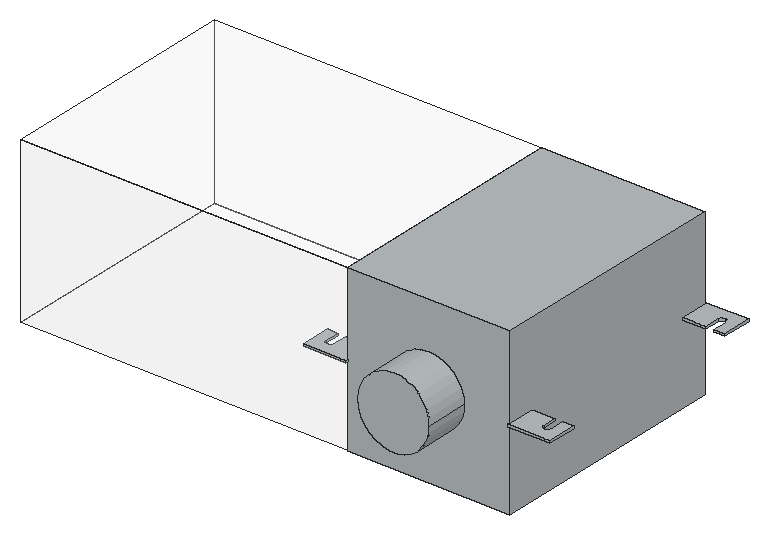
Revit family "bfs-15_150ska2_tka2_60Hz", category 機械設備, Revit 2019
Family settings
  丸型コネクタ寸法 = 直径を使用
  パーツ タイプ = 割り込み
  OmniClass 番号 = 23.75.35.17.27
  OmniClass タイトル = Centrifugal Fans
  作業面ベース = いいえ
  常に垂直 = はい
  ロード時にボイドで切り取り = いいえ
  共有 = いいえ
  部屋計算ポイント = はい
Parameters (values of type "BFS-15SKA2")
  騒音レベル(dB(A))_吸込 = 33
  騒音レベル(dB(A))_吐出 = 38
  騒音レベル(dB(A))_側面 = 24.5
  騒音レベル(dB(A)) = 38
  風量 [instance] = 設計風量  # 0.0 m³/h
  電源種別 [instance] = "一般"
  電圧 = 100 V
  電動機出力 = 8 W
  電動機_種別 [instance] = ""
  運転質量 = 0.00 kg
  連動 [instance] = ""
  質量 = if(製品質量 > 運転質量, 製品質量, 運転質量) * 1.2  # 6.24 kg
  負荷分類 = 3_ファン類
  説明 = "ストレートシロッコファン天吊埋込タイプ（高静圧形）"
  設計風量 [instance] = 0.0 m³/h
  設置方法 = "天吊"
  記号 [instance] = ""
  製造元 = "三菱電機株式会社"
  製品質量 = 5.20 kg
  製品出荷対象 = "国内"
  製品リリース年月 = "2022年6月1日"
  製品グループ = ""
  系統 [instance] = ""
  符号 [instance] = if(☑給気／□排気, "FS", "FE")  # "FE"
  積算_科目 = "2 換気設備"
  積算_拾い区分 [instance] = ""
  相 = 1
  盤記号 [instance] = ""
  盤工事区分 = "電気工事"
  発停方法 [instance] = "別売スイッチ"
  番手 = "#1"
  特殊仕様 [instance] = ""
  火災停止 = ""
  消費電力 = 28 W
  法定耐用年数 = "15"
  機外静圧 [instance] = 0.0 Pa
  極数 = 2
  極 = 4
  材質 [instance] = ""
  本体マテリアル = 溶融亜鉛めっき鋼板
  操作・制御方式 = ""
  操作・制御スイッチ = ""
  排気量 [instance] = if(☑給気／□排気, 0.0 m³/h, 設計風量)  # 0.0 m³/h
  形式 = ""
  形名 = BFS-SKA : BFS-15SKA
  幹線記号 [instance] = ""
  対象室 [instance] = ""
  実風量 = 0.0 m³/h
  始動方式 [instance] = "直入"
  外気量 [instance] = if(☑給気／□排気, 設計風量, 0.0 m³/h)  # 0.0 m³/h
  呼称 = "消音ボックス付送風機"
  周波数 = 60 Hz
  天吊金具ピッチ幅 = 299 mm
  天吊金具ピッチ奥行 = 299 mm
  参照している仕様書等のバージョン = ""
  分類コード = "50052502100020"
  分類グループ = ""
  価格 = 49500
  企業コード = "108420"
  付属品_防振装置 = ""
  付属品 [instance] = ""
  仕様書バージョン = "Version1.0"
  モデル = "BFS-15SKA2"
  ファンの種類 = "多翼形"
  ダクト径 = 100 mm
  サービススペース = yes
  コメント [instance] = ""
  Keynote = ""
  ☑給気／□排気 [instance] = no
  Width = 223 mm
  Version = ""
  Uniclass2015Version = "Systems v1.9"
  Uniclass2015Title = "Centrifugal fans"
  Uniclass2015Code = "Pr_65_67_29_12"
  URL = "https://www.mitsubishielectric.co.jp/ldg/wink/ssl/displayProduct.do?pid=319024"
  SpecificationReference = ""
  SpecificationDescription = ""
  Revision = ""
  ProductInformation = ""
  OmniClassCode = "23-33 31 19 13 15"
  MIN風量 = 105.0 m³/h
  MIN静圧 = 40.0 Pa
  MID風量 = 0.0 m³/h
  MID静圧 = 0.0 Pa
  MAX風量 = 150.0 m³/h
  MAX静圧 = 80.0 Pa
  M = 60 mm
  IfcTypeProduct = ""
  IfcProduct = ""
  IfcExportType = "CENTRIFUGALFORWARDCURVED"
  IfcExportAs = "IfcFanType"
  Height = 226 mm
  Depth = 335 mm
  Clearance Top = 0 mm  # constant formula
  Clearance Right = 0 mm  # constant formula
  Clearance Left = 450 mm  # constant formula
  Clearance Front = 0 mm  # constant formula
  Clearance Bottom = 0 mm  # constant formula
  Clearance Back = 0 mm  # constant formula
  Author = "三菱電機株式会社"
Types (13, lengths in mm): name | 騒音レベル(dB(A))_吸込 | 騒音レベル(dB(A))_吐出 | 騒音レベル(dB(A))_側面 | 騒音レベル(dB(A)) | 電圧 | 電動機出力 | 質量 | 製品質量 | 相 | 番手 | 消費電力 | 極数 | 形名 | 天吊金具ピッチ幅 | 天吊金具ピッチ奥行 | 価格 | モデル | ダクト径 | Width | URL | MIN風量 | MIN静圧 | MAX風量 | MAX静圧 | M | Height | Depth
  BFS-15SKA2 | 33 | 38 | 24.5 | 38 | 100 V | 8 W | 6.24 kg | 5.20 kg | 1 | "#1" | 28 W | 2 | BFS-SKA : BFS-15SKA | 299 | 299 | 49500 | "BFS-15SKA2" | 100 | 223 | "https://www.mitsubishielectric.co.jp/ldg/wink/ssl/displayProduct.do?pid=319024" | 105.0 m³/h | 40.0 Pa | 150.0 m³/h | 80.0 Pa | 60 | 226 | 335
  BFS-30SKA2 | 43 | 46 | 30 | 46 | 100 V | 12 W | 6.36 kg | 5.30 kg | 1 | "#1" | 62 W | 2 | BFS-SKA : BFS-30SKA | 299 | 299 | 62000 | "BFS-30SKA2" | 150 | 223 | "https://www.mitsubishielectric.co.jp/ldg/wink/ssl/displayProduct.do?pid=319097" | 220.0 m³/h | 40.0 Pa | 300.0 m³/h | 90.0 Pa | 70 | 226 | 335
  BFS-40SKA2 | 43.5 | 48.5 | 31.5 | 48.5 | 100 V | 30 W | 8.40 kg | 7.00 kg | 1 | "#1 1/4" | 81 W | 2 | BFS-SKA : BFS-40SKA | 331 | 353 | 73100 | "BFS-40SKA2" | 150 | 255 | "https://www.mitsubishielectric.co.jp/ldg/wink/ssl/displayProduct.do?pid=319102" | 280.0 m³/h | 55.0 Pa | 400.0 m³/h | 110.0 Pa | 70 | 255 | 389
  BFS-50SKA2 | 44.5 | 51.5 | 32 | 51.5 | 100 V | 45 W | 10.56 kg | 8.80 kg | 1 | "#1 1/4" | 102 W | 2 | BFS-SKA : BFS-50SKA | 395 | 395 | 102000 | "BFS-50SKA2" | 200 | 319 | "https://www.mitsubishielectric.co.jp/ldg/wink/ssl/displayProduct.do?pid=319110" | 380.0 m³/h | 125.0 Pa | 500.0 m³/h | 200.0 Pa | 85 | 255 | 431
  BFS-65SKA2 | 45.5 | 53 | 33 | 53 | 100 V | 75 W | 13.32 kg | 11.10 kg | 1 | "#1 1/4" | 156 W | 2 | BFS-SKA : BFS-65SKA | 449 | 452 | 108000 | "BFS-65SKA2" | 200 | 373 | "https://www.mitsubishielectric.co.jp/ldg/wink/ssl/displayProduct.do?pid=318892" | 460.0 m³/h | 100.0 Pa | 650.0 m³/h | 220.0 Pa | 85 | 305 | 489
  BFS-80SKA2 | 48 | 56 | 36 | 56 | 100 V | 105 W | 13.32 kg | 11.10 kg | 1 | "#1 1/4" | 203 W | 2 | BFS-SKA : BFS-80SKA | 449 | 452 | 116000 | "BFS-80SKA2" | 200 | 373 | "https://www.mitsubishielectric.co.jp/ldg/wink/ssl/displayProduct.do?pid=318897" | 600.0 m³/h | 140.0 Pa | 800.0 m³/h | 230.0 Pa | 85 | 305 | 489
  BFS-100SKA2 | 51 | 61 | 40.5 | 61 | 100 V | 180 W | 18.48 kg | 15.40 kg | 1 | "#1 1/2" | 356 W | 2 | BFS-SKA : BFS-100SKA | 440 | 492 | 129000 | "BFS-100SKA2" | 200 | 363 | "https://www.mitsubishielectric.co.jp/ldg/wink/ssl/displayProduct.do?pid=318846" | 800.0 m³/h | 200.0 Pa | 1000.0 m³/h | 310.0 Pa | 85 | 350 | 528
  BFS-120SKA2 | 51.5 | 61.5 | 41 | 61.5 | 100 V | 200 W | 19.68 kg | 16.40 kg | 1 | "#1 1/2" | 388 W | 2 | BFS-SKA : BFS-120SKA | 467 | 554 | 139000 | "BFS-120SKA2" | 250 | 390 | "https://www.mitsubishielectric.co.jp/ldg/wink/ssl/displayProduct.do?pid=318951" | 880.0 m³/h | 175.0 Pa | 1200.0 m³/h | 330.0 Pa | 85 | 350 | 591
  BFS-150SKA2 | 55 | 63.5 | 44 | 63.5 | 100 V | 300 W | 19.92 kg | 16.60 kg | 1 | "#1 1/2" | 560 W | 2 | BFS-SKA : BFS-150SKA | 467 | 554 | 149000 | "BFS-150SKA2" | 250 | 390 | "https://www.mitsubishielectric.co.jp/ldg/wink/ssl/displayProduct.do?pid=318959" | 1220.0 m³/h | 235.0 Pa | 1500.0 m³/h | 350.0 Pa | 85 | 350 | 591
  BFS-80TKA2 | 48 | 57 | 35 | 57 | 200 V | 170 W | 14.64 kg | 12.20 kg | 3 | "#1 1/4" | 190 W | 3 | BFS-TKA : BFS-80TKA | 449 | 452 | 116000 | "BFS-80TKA2" | 200 | 373 | "https://www.mitsubishielectric.co.jp/ldg/wink/ssl/displayProduct.do?pid=318466" | 600.0 m³/h | 145.0 Pa | 800.0 m³/h | 260.0 Pa | 85 | 305 | 489
  BFS-100TKA2 | 50.5 | 61.5 | 40.5 | 61.5 | 200 V | 200 W | 17.40 kg | 14.50 kg | 3 | "#1 1/2" | 326 W | 3 | BFS-TKA : BFS-100TKA | 440 | 492 | 129000 | "BFS-100TKA2" | 200 | 363 | "https://www.mitsubishielectric.co.jp/ldg/wink/ssl/displayProduct.do?pid=318947" | 670.0 m³/h | 140.0 Pa | 1000.0 m³/h | 320.0 Pa | 85 | 350 | 528
  BFS-120TKA2 | 51.5 | 62 | 41 | 62 | 200 V | 200 W | 19.80 kg | 16.50 kg | 3 | "#1 1/2" | 397 W | 3 | BFS-TKA : BFS-120TKA | 467 | 554 | 139000 | "BFS-120TKA2" | 250 | 390 | "https://www.mitsubishielectric.co.jp/ldg/wink/ssl/displayProduct.do?pid=318955" | 830.0 m³/h | 175.0 Pa | 1200.0 m³/h | 370.0 Pa | 85 | 350 | 591
  BFS-150TKA2 | 55 | 63.5 | 42.5 | 63.5 | 200 V | 300 W | 19.80 kg | 16.50 kg | 3 | "#1 1/2" | 518 W | 3 | BFS-TKA : BFS-150TKA | 467 | 554 | 149000 | "BFS-150TKA2" | 250 | 390 | "https://www.mitsubishielectric.co.jp/ldg/wink/ssl/displayProduct.do?pid=318967" | 1110.0 m³/h | 200.0 Pa | 1500.0 m³/h | 370.0 Pa | 85 | 350 | 591
Reference planes
  plane 1 "中心(正面/背面)": y = 0
  plane 2: z = 0
  plane 3 "中心(左/右)": x = -128
  plane 4 "左": x = -239.5
  plane 5 "右": x = -16.5
  plane 6 "背面": y = 167.5
  plane 7 "正面": y = -167.5
  plane 8: z = 113
  plane 9: y = 149.5
  plane 10: y = -149.5
  plane 11: x = 21.5
  plane 12: x = -277.5
  plane 13: z = -113
  plane 14: z = 113
  plane 15: z = -113
  plane 16: y = 167.5
  plane 17: y = -167.5
  plane 18: x = -16.5
  plane 19: x = -689.5
Lines and regions (mm)
  Masking region 1, detail levels coarse+medium
    outline origin (-336.158, -588.023, 0) x (1, 0, 0) y (0, 1, 0)
      loop
        line (96.658, 420.523) -> (319.658, 420.523) -> (319.658, 755.523) -> (96.658, 755.523) -> (96.658, 420.523)
  symbolic lines, detail levels coarse+medium
    curve 1: line (-239.5, 167.5, 0) -> (-16.5, 0, 0)
    curve 2: line (-16.5, 0, 0) -> (-239.5, -167.5, 0)
Dimensions and locks
  "Width": plane 4 "左" to plane 5 "右"
  equal spacing: plane 7 "正面", plane 1 "中心(正面/背面)", plane 6 "背面"
  "Depth": plane 7 "正面" to plane 6 "背面"
  equal spacing: plane 8, level, plane 13
  "Height": plane 8 to plane 13
  "Clearance Top": plane 14 to plane 8
  "Clearance Bottom": plane 13 to plane 15
  "Clearance Back": plane 6 "背面" to plane 16
  "Clearance Front": plane 17 to plane 7 "正面"
  "Clearance Left": plane 19 to plane 4 "左"
  "Clearance Right": plane 5 "右" to plane 18
  equal spacing: plane 4 "左", plane 3 "中心(左/右)", plane 5 "右"
  equal spacing: plane 12, plane 3 "中心(左/右)", plane 11
  "天吊金具ピッチ幅": plane 12 to plane 11
  equal spacing: plane 10, plane 1 "中心(正面/背面)", plane 9
  "天吊金具ピッチ奥行": plane 10 to plane 9
  aligned and locked: level to plane 2
  aligned and locked: nested 2 to plane 9
  aligned and locked: plane 10 to nested 2
  aligned and locked: plane 12 to nested 2
  aligned and locked: plane 11 to nested 2
  aligned and locked: plane 8 to nested 1
  aligned and locked: plane 13 to nested 1
  aligned and locked: plane 19 to nested 3
  aligned and locked: plane 17 to nested 3
  aligned and locked: plane 14 to nested 3
  aligned and locked: plane 15 to nested 3
  aligned and locked: plane 16 to nested 3
  aligned and locked: plane 4 "左" to nested 3
  aligned and locked: plane 1 "中心(正面/背面)" to nested 1
  aligned and locked: nested 1 to plane 3 "中心(左/右)"
  aligned and locked: plane 5 "右" to Masking region 1
  aligned and locked: Masking region 1 to plane 4 "左"
  aligned and locked: Masking region 1 to plane 6 "背面"
  aligned and locked: plane 7 "正面" to Masking region 1
Automatic sketch dimensions
  Masking region 1 sketch curve to plane 9 = 18 mm
  plane 12 to Masking region 1 sketch curve = 38 mm
  Masking region 1 sketch curve to plane 11 = 38 mm
  plane 7 "正面" to Masking region 1 sketch curve = 0 mm
  curve 2 to plane 4 "左" = 0 mm
  curve 1 to plane 4 "左" = 0 mm
  plane 1 "中心(正面/背面)" to curve 2 = 0 mm
  curve 2 to plane 5 "右" = 0 mm
  plane 7 "正面" to curve 2 = 0 mm
  plane 6 "背面" to curve 1 = 0 mm
Nested families
  nested 1: "BFS-SKA" at (-128, 0, -113) x (0, -1, 0) z (0, 0, 1), type <- "形名", type "BFS-15SKA"
  nested 2: "固定点" at (-277.5, -149.5, 0), type "固定点"
    with W 299 mm, D 299 mm
  nested 3: "サービススペース" at (-464.5, 0, 0), visible <- "サービススペース", type "サービススペース"
    with Width 450 mm, Height 226 mm, Depth 335 mm
Connectors
  hvac at (-128, -227.5, 0), driven by "ダクト径", driven by "機外静圧", driven by "風量"
    settings: on nested 1, index 2, duct flow 0.0 m³/h, flow factor 0, pres drop 0.0 Pa, loss coef 0, conn angle 0.00°, conn width 304.8 mm, conn height 304.8 mm, conn diameter 100 mm, duct sys type 29, conn prof type 0, flow config 0, flow direction 2, loss method 4, conn ref index -1, conn util no, is conn primary yes, conn desc "Out"
  hvac at (-128, 227.5, 0), driven by "ダクト径", driven by "機外静圧", driven by "風量"
    settings: on nested 1, index 3, duct flow 0.0 m³/h, flow factor 0, pres drop 0.0 Pa, loss coef 0, conn angle 0.00°, conn width 304.8 mm, conn height 304.8 mm, conn diameter 100 mm, duct sys type 29, conn prof type 0, flow config 0, flow direction 1, loss method 4, conn ref index -1, conn util no, is conn primary no, conn desc "In"
  electrical at (-261.5, -48, -19.5), driven by "極数", driven by "負荷分類", driven by "電圧", driven by "消費電力"
    settings: on nested 1, index 4, voltage 100 V, apparent load 28 VA, apparent load phase1 0 VA, apparent load phase2 0 VA, apparent load phase3 0 VA, power factor 1, load classification "3_ファン類", number of poles 2, system type 30, power factor state 1, is connector primary yes, connector utility no, sub classification motor no, connector description ""
Definition of nested family "BFS-SKA"
  Parameters (values of type "BFS-15SKA")
    端子カバー高 = 99 mm  # constant formula
    端子カバー手前位置 = 54 mm
    端子カバー幅 = 22 mm  # constant formula
    端子カバー奥行 = 131 mm  # constant formula
    端子カバー上位置 = 83 mm
    天吊金具ピッチ幅 = 299 mm
    天吊金具ピッチ奥行 = 299 mm
    マテリアル = none
    φ = 98 mm
    Φ = 110 mm
    kb_z = 25 mm
    b = 234 mm
    a = 60 mm
    W = 335 mm
    H = 226 mm
    c = 43 mm
    D = 223 mm
  Types (9, lengths in mm): name | 端子カバー手前位置 | 端子カバー上位置 | 天吊金具ピッチ幅 | 天吊金具ピッチ奥行 | φ | Φ | kb_z | b | a | W | H | c | D
    BFS-15SKA | 54 | 83 | 299 | 299 | 98 | 110 | 25 | 234 | 60 | 335 | 226 | 43 | 223
    BFS-30SKA | 54 | 83 | 299 | 299 | 142 | 160 | 25 | 234 | 70 | 335 | 226 | 43 | 223
    BFS-40SKA | 62 | 106 | 353 | 331 | 142 | 160 | 25 | 291 | 70 | 389 | 255 | 51 | 255
    BFS-50SKA | 61 | 114 | 395 | 395 | 192 | 208 | 25 | 291 | 85 | 431 | 255 | 51 | 319
    BFS-65SKA | 63 | 139 | 452 | 449 | 192 | 208 | 50 | 391 | 85 | 489 | 305 | 53 | 373
    BFS-80SKA | 63 | 139 | 452 | 449 | 192 | 208 | 50 | 391 | 85 | 489 | 305 | 53 | 373
    BFS-100SKA | 81 | 54 | 492 | 440 | 192 | 208 | 150 | 391 | 85 | 528 | 350 | 70 | 363
    BFS-120SKA | 81 | 54 | 554 | 467 | 242 | 258 | 150 | 391 | 85 | 591 | 350 | 70 | 390
    BFS-150SKA | 81 | 54 | 554 | 467 | 242 | 258 | 150 | 391 | 85 | 591 | 350 | 70 | 390
  Reference planes
    plane 1 "中心(正面/背面)": y = 0
    plane 2: z = 0
    plane 3 "中心(左/右)": x = 0
    plane 4: y = 111.5
    plane 5: y = 149.5
    plane 6: y = 169.5
    plane 7: y = -111.5
    plane 8: y = -149.5
    plane 9: y = -169.5
    plane 10: x = -167.5
    plane 11: x = -149.5
    plane 12: x = -170.5
    plane 13: x = 167.5
    plane 14: x = 149.5
    plane 15: x = 170.5
    plane 16: z = 226
    plane 17: z = 600
    plane 18: z = 900
    plane 19: z = 1200
    plane 20: x = -120.5
    plane 21: x = 113.5
    plane 22: x = 227.5
    plane 23: x = -227.5
    plane 24: z = 113
    plane 25: z = 110
    plane 26: z = 72
    plane 27: x = -129.5
    plane 28: z = 95
    plane 29: x = 129.5
    plane 30: y = 114.5
    plane 31: x = -17.5
    plane 32: z = 143
    plane 33: z = 44
    plane 34: y = -133.5
  Forms (mm)
    Extrusion 1, solid, material <- "マテリアル", detail levels fine
      sketch origin (0, 0, 0) x (1, 0, 0) y (0, 1, 0)
        loop
          line (-167.5, 111.5) -> (-167.5, -111.5) -> (167.5, -111.5) -> (167.5, 111.5) -> (-167.5, 111.5)
      from 0 to 226
    Extrusion 2, solid, material <- "マテリアル", detail levels fine
      sketch origin (0, 0, 0) x (1, 0, 0) y (0, 1, 0)
        loop
          line (-170.5, -111.5) -> (-170.5, -169.5) -> (-129.5, -169.5) -> (-129.5, -155) -> (-149.5, -155)
          arc (-149.5, -155) -> (-155, -149.5) -> (-149.5, -144) r 5.5
          line (-149.5, -144) -> (-129.5, -144) -> (-129.5, -111.5) -> (-170.5, -111.5)
      from 110 to 113
    Extrusion 3, solid, material <- "マテリアル", detail levels fine
      sketch origin (0, 0, 0) x (1, 0, 0) y (0, 1, 0)
        loop
          line (-170.5, 111.5) -> (-129.5, 111.5) -> (-129.5, 144) -> (-149.5, 144)
          arc (-149.5, 144) -> (-155, 149.5) -> (-149.5, 155) r 5.5
          line (-149.5, 155) -> (-129.5, 155) -> (-129.5, 169.5) -> (-170.5, 169.5) -> (-170.5, 111.5)
      from 110 to 113
    Extrusion 4, solid, material <- "マテリアル", detail levels fine
      sketch origin (0, 0, 0) x (-1, 0, 0) y (0, -1, 0)
        loop
          line (-170.5, -111.5) -> (-170.5, -169.5) -> (-129.5, -169.5) -> (-129.5, -155) -> (-149.5, -155)
          arc (-149.5, -155) -> (-155, -149.5) -> (-149.5, -144) r 5.5
          line (-149.5, -144) -> (-129.5, -144) -> (-129.5, -111.5) -> (-170.5, -111.5)
      from 110 to 113
    Extrusion 5, solid, material <- "マテリアル", detail levels fine
      sketch origin (0, 0, 0) x (-1, 0, 0) y (0, -1, 0)
        loop
          line (-170.5, 111.5) -> (-129.5, 111.5) -> (-129.5, 144) -> (-149.5, 144)
          arc (-149.5, 144) -> (-155, 149.5) -> (-149.5, 155) r 5.5
          line (-149.5, 155) -> (-129.5, 155) -> (-129.5, 169.5) -> (-170.5, 169.5) -> (-170.5, 111.5)
      from 110 to 113
    Extrusion 6, solid, material <- "マテリアル", detail levels fine
      sketch origin (0, 0, 0) x (0, 1, 0) y (0, 0, 1)
        loop
          circle (0, 113) r 49
      from -167.5 to -227.5
    Extrusion 7, solid, material <- "マテリアル", detail levels fine
      sketch origin (0, 0, 0) x (0, 1, 0) y (0, 0, -1)
        loop
          circle (0, -113) r 49
      from -167.5 to -227.5
    Extrusion 8, solid, material <- "マテリアル", detail levels fine
      sketch origin (0, 0, 0) x (1, 0, 0) y (0, 0, 1)
        loop
          line (113.5, 143) -> (-17.5, 143) -> (-17.5, 44) -> (113.5, 44) -> (113.5, 143)
      from 111.5 to 133.5
  Dimensions and locks
    plane 12 to plane 15 = 341 mm
    "天吊金具ピッチ幅": plane 11 to plane 14
    "W": plane 10 to plane 13
    plane 9 to plane 6 = 339 mm
    "天吊金具ピッチ奥行": plane 8 to plane 5
    "D": plane 7 to plane 4
    equal spacing: plane 7, plane 1 "中心(正面/背面)", plane 4
    equal spacing: plane 10, plane 3 "中心(左/右)", plane 13
    "H": plane 16 to level
    locked: plane 5 to plane 6 at 20
    locked: plane 9 to plane 8 at 20
    locked: plane 13 to plane 15 at 3
    locked: plane 12 to plane 10 at 3
    equal spacing: plane 16, plane 24, level
    locked: plane 24 to plane 25 at 3
    locked: plane 24 to plane 26 at 41
    locked: plane 12 to plane 27 at 41
    locked: plane 25 to plane 28 at 15
    locked: plane 29 to plane 15 at 41
    locked: plane 30 to plane 4 at 3
    "a": plane 23 to plane 10
    "a": plane 13 to plane 22
    "端子カバー手前位置": plane 13 to plane 21
    "b": plane 21 to plane 20
    "端子カバー奥行": plane 21 to plane 31
    "端子カバー高": plane 32 to plane 33
    "端子カバー幅": plane 34 to plane 7
    equal spacing: plane 11, plane 3 "中心(左/右)", plane 14
    equal spacing: plane 8, plane 1 "中心(正面/背面)", plane 5
    "端子カバー上位置": plane 16 to plane 32
    "φ": diameter of Extrusion 6 sketch curve
    "φ": diameter of Extrusion 7 sketch curve
    aligned and locked: level to plane 2
    aligned and locked: plane 4 to Extrusion 1 sketch curve
    aligned and locked: plane 10 to Extrusion 1 sketch curve
    aligned and locked: Extrusion 1 sketch curve to plane 7
    aligned and locked: Extrusion 1 sketch curve to plane 13
    aligned and locked: plane 16 to Extrusion 1
    aligned and locked: plane 7 to Extrusion 2 sketch curve
    aligned and locked: plane 12 to Extrusion 2 sketch curve
    aligned and locked: Extrusion 2 sketch curve to plane 9
    aligned and locked: Extrusion 2 sketch curve to plane 27  (x2)
    aligned and locked: plane 11 to Extrusion 2 sketch curve
    aligned and locked: plane 8 to Extrusion 2 sketch curve
    aligned and locked: plane 24 to Extrusion 2
    aligned and locked: Extrusion 2 to plane 25
    aligned and locked: plane 27 to Extrusion 3 sketch curve  (x2)
    aligned and locked: plane 5 to Extrusion 3 sketch curve
    aligned and locked: plane 11 to Extrusion 3 sketch curve
    aligned and locked: Extrusion 3 sketch curve to plane 6
    aligned and locked: Extrusion 3 sketch curve to plane 12
    aligned and locked: plane 4 to Extrusion 3 sketch curve
    aligned and locked: plane 24 to Extrusion 3
    aligned and locked: Extrusion 3 to plane 25
    aligned and locked: Extrusion 4 to plane 6
    aligned and locked: plane 15 to Extrusion 4
    aligned and locked: Extrusion 4 to plane 29
    aligned and locked: plane 29 to Extrusion 4 sketch curve  (x2)
    aligned and locked: plane 6 to Extrusion 4 sketch curve
    aligned and locked: Extrusion 4 sketch curve to plane 15
    aligned and locked: plane 5 to Extrusion 4 sketch curve
    aligned and locked: plane 14 to Extrusion 4 sketch curve
    aligned and locked: Extrusion 4 sketch curve to plane 4
    aligned and locked: Extrusion 4 to plane 25
    aligned and locked: plane 24 to Extrusion 4
    aligned and locked: plane 9 to Extrusion 5 sketch curve
    aligned and locked: plane 15 to Extrusion 5 sketch curve
    aligned and locked: Extrusion 5 sketch curve to plane 7
    aligned and locked: Extrusion 5 sketch curve to plane 29  (x2)
    aligned and locked: plane 14 to Extrusion 5 sketch curve
    aligned and locked: plane 8 to Extrusion 5 sketch curve
    aligned and locked: Extrusion 5 to plane 25
    aligned and locked: plane 24 to Extrusion 5
    aligned and locked: plane 1 "中心(正面/背面)" to Extrusion 6 sketch curve
    aligned and locked: plane 24 to Extrusion 6 sketch curve
    aligned and locked: Extrusion 6 to plane 23
    aligned and locked: plane 24 to Extrusion 7 sketch curve
    aligned and locked: plane 1 "中心(正面/背面)" to Extrusion 7 sketch curve
    aligned and locked: plane 22 to Extrusion 7
    aligned and locked: plane 32 to Extrusion 8 sketch curve
    aligned and locked: plane 21 to Extrusion 8 sketch curve
    aligned and locked: Extrusion 8 sketch curve to plane 33
    aligned and locked: Extrusion 8 sketch curve to plane 31
    aligned and locked: Extrusion 8 to plane 7
    aligned and locked: Extrusion 7 to plane 13
    aligned and locked: plane 10 to Extrusion 6
    aligned and locked: plane 34 to Extrusion 8
  Automatic sketch dimensions
    Extrusion 2 sketch curve to plane 11 = 0 mm
    plane 8 to Extrusion 2 sketch curve = 5.5 mm
    Extrusion 3 sketch curve to plane 11 = 0 mm
    plane 5 to Extrusion 3 sketch curve = 5.5 mm
    Extrusion 4 sketch curve to plane 14 = 0 mm
    Extrusion 4 sketch curve to plane 5 = 5.5 mm
    Extrusion 5 sketch curve to plane 14 = 0 mm
    Extrusion 5 sketch curve to plane 8 = 5.5 mm
Definition of nested family "サービススペース"
  Parameters (values of type "サービススペース")
    Width [instance] = 500 mm
    Height [instance] = 500 mm
    Depth [instance] = 500 mm
  Reference planes
    plane 1 "中心(正面/背面)": y = 0
    plane 2: z = 0
    plane 3 "中心(左/右)": x = 0
    plane 4: y = -250
    plane 5: x = 250
    plane 6: y = 250
    plane 7: x = -250
    plane 8: z = 250
    plane 9: z = -250
  Forms (mm)
    Extrusion 1, solid
      sketch origin (-638.939, 0, 72.39) x (1, 0, 0) y (0, 1, 0)
        loop
          line (388.939, 250) -> (388.939, -250) -> (888.939, -250) -> (888.939, 250) -> (388.939, 250)
      from -322.39 to 177.61
  Lines and regions (mm)
    symbolic lines
      curve 1: line (-250, 0, 250) -> (250, 0, 250)
      curve 2: line (-250, 0, -250) -> (-250, 0, 250)
      curve 3: line (250, 0, -250) -> (-250, 0, -250)
      curve 4: line (250, 0, 250) -> (250, 0, -250)
      curve 5: line (0, -250, 250) -> (0, 250, 250)
      curve 6: line (0, -250, -250) -> (0, -250, 250)
      curve 7: line (0, 250, -250) -> (0, -250, -250)
      curve 8: line (0, 250, 250) -> (0, 250, -250)
      curve 9: line (-250, 250, 0) -> (250, 250, 0)
      curve 10: line (-250, -250, 0) -> (-250, 250, 0)
      curve 11: line (250, -250, 0) -> (-250, -250, 0)
      curve 12: line (250, 250, 0) -> (250, -250, 0)
  Dimensions and locks
    equal spacing: plane 7, plane 3 "中心(左/右)", plane 5
    equal spacing: plane 4, plane 1 "中心(正面/背面)", plane 6
    "Depth": plane 4 to plane 6
    "Width": plane 7 to plane 5
    equal spacing: plane 8, plane 2, plane 9
    "Height": plane 8 to plane 9
    aligned and locked: plane 9 to curve 3
    aligned and locked: plane 7 to curve 2
    aligned and locked: curve 4 to plane 5
    aligned and locked: plane 5 to Extrusion 1
    aligned and locked: Extrusion 1 to plane 7
    aligned and locked: Extrusion 1 to plane 9
    aligned and locked: plane 8 to Extrusion 1
    aligned and locked: plane 9 to curve 7
  Automatic sketch dimensions
    plane 4 to Extrusion 1 sketch curve = 0 mm
    Extrusion 1 sketch curve to plane 7 = 0 mm
    Extrusion 1 sketch curve to plane 5 = 0 mm
    plane 6 to Extrusion 1 sketch curve = 0 mm
    curve 2 to plane 8 = 0 mm
    plane 4 to curve 11 = 0 mm
    curve 11 to plane 7 = 0 mm
    curve 11 to plane 5 = 0 mm
    plane 6 to curve 10 = 0 mm
    curve 7 to plane 4 = 0 mm
    curve 7 to plane 6 = 0 mm
    curve 6 to plane 8 = 0 mm
Definition of nested family "固定点"
  Parameters (values of type "固定点")
    中心円 = 11 mm
    W [instance] = 1000 mm
    D [instance] = 1000 mm
  Reference planes
    plane 1 "中心(正面/背面)": y = 0
    plane 2: z = 0
    plane 3 "中心(左/右)": x = 0
    plane 4: x = 1000
    plane 5: y = 1000
  Lines and regions (mm)
    symbolic lines, detail levels fine
      curve 1: circle (0, 1000, 0) r 5.5 normal (0, 0, 1)
      curve 2: circle (0, 0, 0) r 5.5 normal (0, 0, 1)
      curve 3: circle (1000, 1000, 0) r 5.5 normal (0, 0, 1)
      curve 4: circle (1000, 0, 0) r 5.5 normal (0, 0, 1)
      curve 5: line (-200, 1000, 0) -> (1200, 1000, 0)
      curve 6: line (-200, 0, 0) -> (1200, 0, 0)
      curve 7: line (0, 1200, 0) -> (0, -200, 0)
      curve 8: line (1000, 1200, 0) -> (1000, -200, 0)
  Dimensions and locks
    "W": plane 3 "中心(左/右)" to plane 4
    "D": plane 1 "中心(正面/背面)" to plane 5
    "中心円": diameter of curve 1
    "中心円": diameter of curve 2
    "中心円": diameter of curve 3
    "中心円": diameter of curve 4
    aligned and locked: level to plane 2
    aligned and locked: plane 5 to curve 1
    aligned and locked: plane 3 "中心(左/右)" to curve 1
    aligned and locked: plane 3 "中心(左/右)" to curve 2
    aligned and locked: plane 1 "中心(正面/背面)" to curve 2
    aligned and locked: plane 4 to curve 3
    aligned and locked: plane 5 to curve 3
    aligned and locked: plane 1 "中心(正面/背面)" to curve 4
    aligned and locked: plane 4 to curve 4
    aligned and locked: plane 1 "中心(正面/背面)" to curve 6
    aligned and locked: curve 7 to plane 3 "中心(左/右)"
    aligned and locked: curve 8 to plane 4
  Automatic sketch dimensions
    curve 5 to plane 5 = 0 mm
    curve 6 to plane 3 "中心(左/右)" = 200 mm
    curve 5 to plane 3 "中心(左/右)" = 200 mm
    curve 4 to curve 6 = 200 mm
    curve 3 to curve 5 = 200 mm
    plane 1 "中心(正面/背面)" to curve 8 = 200 mm
    plane 1 "中心(正面/背面)" to curve 7 = 200 mm
    curve 3 to curve 8 = 200 mm
    curve 1 to curve 7 = 200 mm
